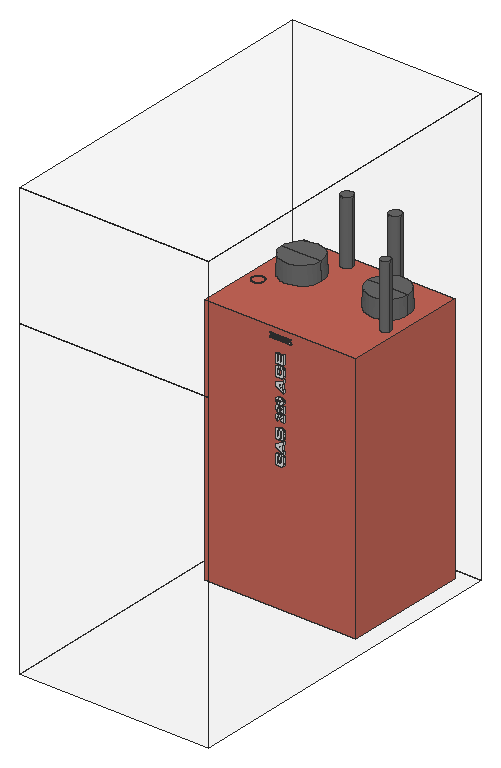
Revit family "Gas Ace 220_250_LOD-3", category Mechanical Equipment, Revit 2015
Parameters (values of type "250")
  Weekly = "0"
  Water Treatment Required = yes
  Water Content = 33.0 L
  Warranty ID = ""
  Voltage = 230 V
  Uniclass2015 = "Pr_60_60_08"
  URL = ""
  Type = "Space heating"
  Turndown Ratio = "4.8:1"
  Supply Phase = 1
  Starting Current = 0 A
  Sound Pressure Level = "63.8 dBA"
  Shipping Weight = 275.00 kg
  Shape = "Rectangular (Vertical)"
  Safety Valve Connection Type = "Unset"
  Safety Valve Connection Size = 0.00 mm
  Responsible Sourcing of Materials = "N/A"
  Responsible Extraction of Materials = "N/A"
  Reference Standard = "GAD 2009/142/EC BED 92/42/EEC EMC 2014/35/EU LVD 2014/35/EU ErP 2009/125/EY"
  Rated Output = 243300 W
  Rated Criteria = "80/60"
  Quarterly = "0"
  Product Range = "Gas 220 -250"
  Product Model Number = "Not Available"
  Product Literature = "https://www.remeha.co.uk/-/media/Themes/RemehaUK/Documents/Current/Specification-guides/gas-220-ace-specification-guide.pdf"
  Primary Fuel = "Gas - NG"
  Overall Width = 800.00 mm
  Overall Length = 657.00 mm
  Overall Height = 1662.00 mm
  Optional Fuel = "Gas - LPG"
  Operation and Maintenance Manual = "https://www.remeha.co.uk/en/Products/Floor-Standing-Range/Gas-220-Ace"
  Oil Consumption rate = 0
  Nominal Oil Inlet Pressure = 0.000 bar
  Nominal Gas Inlet Pressure = 0.020 bar
  NOx Emissions = "38 mg/kWh"
  Mounting = "Floor Standing"
  Monthly = "0"
  Model = ""
  Minimum Power Consumption = 11 W
  Minimum Operating Pressure = 0.800 bar
  Minimum Oil Inlet Pressure = 0.000 bar
  Minimum Gas Inlet Pressure = 0.017 bar
  Minimum Flow Rate at 20C temperature differential = 2.91 L/s
  Minimum Flow Rate at 11C temperature differential = 0.0 L/s
  Maximum Power Consumption = 323 W
  Maximum Operating Pressure = 5.000 bar
  Maximum Oil Inlet Pressure = 0.000 bar
  Maximum Gas Inlet Pressure = 0.025 bar
  Material Ingredient Reporting = "N/A"
  Manufacturer Website = "https://www.remeha.co.uk/"
  Manufacturer = "Remeha Commercial"
  Maintenance Required 8001 to 12000hrs = "0"
  Maintenance Required 601 to 1000hrs = "0"
  Maintenance Required 4001 to 8000hrs = "0"
  Maintenance Required 301 to 600hrs = "0"
  Maintenance Required 2001 to 4000hrs = "0"
  Maintenance Required 1001 to 2000hrs = "0"
  Maintenance Required 0 to 300hrs = "0"
  Location of Manufacturer = "N/A"
  Life Cycle Analysis = "N/A"
  Interlocks = yes
  IfcExportType = "NOTDEFINED"  # constant formula
  IfcExportAs = "IfcBoilerType"  # constant formula
  IP Rating = "IPX1B"
  IK Rating = "0"
  Hydraulic Resistance at 20C temperature differential = 0.150 bar
  Hydraulic Resistance at 11C temperature differential = 0.000 bar
  Heater Operation = "Condensing"
  Heat Exchanger Material = "Aluminium"
  Gross Weight = 278.00 kg
  Green Guide for Specification = "N/A"
  Gas Consumption rate = "26.5 m3/h"
  Fuse Rating = 6.3 A
  Full Load Current = 0 A
  Fuel Connection Type = "Threaded"
  Fuel Connection Size = 38.10 mm
  Frequency = 50 Hz
  Flue or Air Intake Classification = "B23p,B33, C33, C43, C53, C63, C83, C89"
  Flue Connection size = 200.00 mm
  Flow and Return Connection Type = "Threaded"
  Flow and Return Connection Size = 50.80 mm
  Finish = "High Polish Gardner 60 GRAD 91EH"
  Features = "Remeha's Gas 220 Ace  is a compact high efficiency floor standing condensing boiler. The compact design make this boiler ideally suited to modular arrangements"
  External Material = "Steel"
  Expected Life = "15"
  ErP Seasonal Efficiency = "0 %"
  ErP Rated Efficiency at Part Load = "97.5 %"
  ErP Rated Efficiency at Full Load = "87.7 %"
  ErP Energy Label = "0"
  Environmental Product Declaration = "N/A"
  Energy Technology List = "0"
  Embodied Carbon = "N/A"
  Drain Connection Type = "Threaded"
  Drain Connection Size = 19.05 mm
  Description = ""
  Daily = "0"
  Control Type = "0 - 10V, Open Therm, Volt free enable, Direct boiler weather compensating control systems available from Remeha as optional extra's."
  Configuration = "Single boiler"
  Condensate Drain Type = "Plain"
  Condensate Drain Size = 40.00 mm
  Colour = "RAL 2002 RAL 7016 Dark Grey"
  Clearance Box Visibility [instance] = yes
  Classification.Uniclass.Pr.Number [instance] = "Pr_60_60_08_34"
  Classification.Uniclass.Pr.Description [instance] = "Gas fired Condensing Boilers"
  CE Mark = "0063CQ3781"
  Burner Control Type = "Modulating"
  Building Regulations Seasonal Efficiency = "95.64 %"
  Bespoke Timeframe = "0"
  BMS Links = yes
  Annually = "0"
  Air Inlet Connection Size = 200.00 mm
  Additional Technical Details = "https://www.remeha.co.uk/-/media/Themes/RemehaUK/Documents/Current/Technical-sheets/gas-220-ace-160-300-kw-technical-sheet.pdf"
  Access Clearance Top = 650.00 mm
  Access Clearance Right = 100.00 mm
  Access Clearance Rear = 50.00 mm
  Access Clearance Left = 100.00 mm
  Access Clearance Front = 1100.00 mm
  Access Clearance Bottom = 0.00 mm
  6 Monthly = "0"
Reference planes
  plane 1 "Center (Front/Back)": y = 0
  plane 2: z = 0
  plane 3 "Center (Left/Right)": x = 0
  plane 4: y = -657
  plane 5: x = -400
  plane 6: x = 400
  plane 7: z = 1329
  plane 8: z = 1662
  plane 9: z = 29
  plane 10: y = -231
  plane 11: y = -383
  plane 12: x = 229
  plane 13: x = -229
  plane 14: y = -331.3
  plane 15: y = -331.3
  plane 16: x = 338
  plane 17: x = 128
  plane 18: x = -128
  plane 19: x = -338
  plane 20: y = -56
  plane 21: z = 1637
  plane 22: z = 1330
  plane 23: z = 1582.574
  plane 24: y = -419.302
  plane 25: x = -246.5
  plane 26: x = 246.5
  plane 27: x = -216.5
  plane 28: x = 216.5
  plane 29: x = -247.5
  plane 30: x = -129
  plane 31: x = 129
  plane 32: x = -309.433
  plane 33: z = 84
  plane 34 "Drain": x = -280
  plane 35: y = 50
Forms (mm)
  Extrusion 1, solid, material "Color RGB 190-040-018"
    sketch origin (0, 0, 0) x (1, 0, 0) y (0, 0, 1)
      loop
        line (-400, 1329) -> (-400, 0) -> (400, 0) -> (400, 1329) -> (-400, 1329)
    from 0 to 657
  Extrusion 2, solid, material "Color RGB 045-045-045"
    sketch origin (0, 0, 0) x (1, 0, 0) y (0, 1, 0)
      loop
        circle (-128, -56) r 30.15
      loop
        circle (128, -56) r 30.15
    from 1329 to 1662
  Extrusion 3, solid, material "Color RGB 045-045-045"
    sketch origin (0, 0, 0) x (1, 0, 0) y (0, 1, 0)
      loop
        circle (338, -383) r 24.15
    from 1329 to 1662
  Revolve 4, solid, material "Color RGB 045-045-045"
    sketch origin (-859.279, -231, 1200) x (-1, 0, 0) y (0, 0, 1)
      loop
        line (-630.279, 224) -> (-734.758, 224) -> (-737.327, 129) -> (-630.279, 129) -> (-630.279, 224)
      axis (-630.279, 224) -> (-630.279, 129)
    angle from 0 to 360
  Extrusion 5, solid, material "Color RGB 045-045-045"
    sketch origin (0, 0, 0) x (1, 0, 0) y (0, 1, 0)
      loop
        circle (-338, -383) r 30.5
      loop
        circle (-338, -383) r 30.15
    from 1329 to 1330
  Revolve 6, solid, material "Color RGB 045-045-045"
    sketch origin (859.279, -231, 1200) x (1, 0, 0) y (0, 0, -1)
      loop
        line (-630.279, -224) -> (-630.279, -129) -> (-737.327, -129) -> (-734.758, -224) -> (-630.279, -224)
      axis (-630.279, -224) -> (-630.279, -129)
    angle from 0 to 360
  Extrusion 7, solid
    sketch origin (0, 0, 0) x (1, 0, 0) y (0, 0, 1)
      loop
        circle (-280, 84) r 10
    from 0 to 7.025
  Extrusion 8, solid, material "Glass - Clear - Amber", visible <- "Clearance Box Visibility"
    sketch origin (0, 0, 0) x (0, 1, 0) y (0, 0, 1)
      loop
        line (50, 2312) -> (-1757, 2312) -> (-1757, 1662) -> (-1757, 0) -> (50, 0) -> (50, 2312)
    from -500 to 500
  Extrusion 9, solid, material "Color RGB 235-235-235"
    sketch origin (103.018, 0, 1.063) x (1, 0, 0) y (0, 0, 1)
      loop
        arc (-93.982, 684.046) -> (-85.29, 687.232) -> (-80.717, 695.281) r 13.448
        line (-80.717, 695.281) -> (-80.115, 698.888) -> (-80, 702.988) -> (-80, 728.206)
        arc (-80, 728.206) -> (-83.13, 735.762) -> (-90.686, 738.892) r 10.686
        line (-90.686, 738.892) -> (-94.011, 738.892) -> (-104.813, 738.892) -> (-104.813, 709.936) -> (-96.035, 709.936) -> (-96.035, 725.984)
        arc (-96.035, 725.984) -> (-91.935, 724.658) -> (-90.181, 720.722) r 5.292
        line (-90.181, 720.722) -> (-90.181, 703.318)
        arc (-90.181, 703.318) -> (-91.955, 699.033) -> (-96.24, 697.258) r 6.059
        line (-96.24, 697.258) -> (-107.064, 697.258)
        arc (-107.064, 697.258) -> (-111.348, 699.033) -> (-113.123, 703.318) r 6.059
        line (-113.123, 703.318) -> (-113.123, 723.353)
        arc (-113.123, 723.353) -> (-111.339, 725.862) -> (-108.384, 724.999) r 2.655
        line (-108.384, 724.999) -> (-108.384, 738.658) -> (-112.644, 738.658)
        arc (-112.644, 738.658) -> (-120.184, 735.535) -> (-123.308, 727.994) r 10.664
        line (-123.308, 727.994) -> (-123.308, 702.694) -> (-123.034, 696.854)
        arc (-123.034, 696.854) -> (-118.872, 687.729) -> (-109.561, 684) r 13.487
        line (-109.561, 684) -> (-93.982, 684.046)
      loop
        line (-80.468, 742.529) -> (-80.468, 756.952) -> (-87.959, 760.736) -> (-87.959, 786.898) -> (-80.467, 790.911) -> (-80.467, 805.276) -> (-122.84, 782.129) -> (-122.84, 765.321) -> (-80.468, 742.529)
      loop
        line (-97.087, 782.07) -> (-113.006, 773.698) -> (-97.087, 765.559) -> (-97.087, 782.07)
      loop
        line (-94.335, 821.996) -> (-94.335, 809.423)
        arc (-94.335, 809.423) -> (-90.484, 808.619) -> (-86.694, 809.672) r 8.335
        line (-86.694, 809.672) -> (-83.423, 811.497) -> (-81.369, 814.676) -> (-80.304, 819.321) -> (-79.999, 825.545) -> (-79.999, 841.184) -> (-80.285, 849.955)
        arc (-80.285, 849.955) -> (-93.422, 863.092) -> (-106.559, 849.955) r 13.137
        line (-106.559, 849.955) -> (-106.8, 837.459) -> (-106.813, 830.544) -> (-107.046, 825.766)
        arc (-107.046, 825.766) -> (-110.321, 822.155) -> (-113.824, 825.546) r 3.393
        line (-113.824, 825.546) -> (-113.824, 843.718)
        arc (-113.824, 843.718) -> (-112.498, 846.623) -> (-109.435, 847.527) r 3.848
        line (-109.435, 847.527) -> (-109.435, 860.166)
        arc (-109.435, 860.166) -> (-112.188, 860.623) -> (-114.94, 860.166) r 8.532
        line (-114.94, 860.166) -> (-118.403, 858.986) -> (-121.04, 856.31) -> (-122.718, 851.557) -> (-123.307, 844.149) -> (-123.307, 826.126) -> (-122.632, 818.108)
        arc (-122.632, 818.108) -> (-110.144, 808.063) -> (-97.656, 818.108) r 12.785
        line (-97.656, 818.108) -> (-96.97, 830.778) -> (-96.916, 839.051) -> (-96.652, 844.348)
        arc (-96.652, 844.348) -> (-93.065, 847.935) -> (-89.479, 844.348) r 3.587
        line (-89.479, 844.348) -> (-89.479, 827.579)
        arc (-89.479, 827.579) -> (-90.863, 823.879) -> (-94.335, 821.996) r 5.637
      loop
        line (-80.467, 894.562) -> (-80.467, 928.774) -> (-90.101, 928.774) -> (-90.101, 911.338) -> (-95.872, 918.465) -> (-102.827, 925.924)
        arc (-102.827, 925.924) -> (-113.845, 928.876) -> (-121.328, 920.268) r 10.762
        arc (-121.328, 920.268) -> (-121.467, 910.072) -> (-118.715, 900.253) r 35.665
        arc (-118.715, 900.253) -> (-117.686, 898.792) -> (-116.174, 897.837) r 4.57
        line (-116.174, 897.837) -> (-109.842, 895.405) -> (-109.842, 907.63)
        arc (-109.842, 907.63) -> (-114.48, 914.715) -> (-106.118, 916.051) r 5.045
        line (-106.118, 916.051) -> (-90.101, 898.262) -> (-80.467, 894.562)
      loop
        line (-109.842, 936.604) -> (-109.842, 948.83)
        arc (-109.842, 948.83) -> (-114.48, 955.915) -> (-106.118, 957.25) r 5.045
        line (-106.118, 957.25) -> (-90.101, 939.461) -> (-80.467, 935.761) -> (-80.467, 969.974) -> (-90.101, 969.974) -> (-90.101, 952.537) -> (-95.872, 959.664) -> (-102.827, 967.123)
        arc (-102.827, 967.123) -> (-113.845, 970.075) -> (-121.328, 961.467) r 10.762
        arc (-121.328, 961.467) -> (-121.467, 951.271) -> (-118.715, 941.452) r 35.665
        arc (-118.715, 941.452) -> (-117.686, 939.991) -> (-116.174, 939.036) r 4.57
        line (-116.174, 939.036) -> (-109.842, 936.604)
      loop
        spline (-123.206, 991.968) -> (-122.47, 987.662) -> (-120.312, 983.65) -> (-116.879, 980.204) -> (-112.404, 977.56) -> (-107.194, 975.898) -> (-101.602, 975.332) -> (-96.011, 975.898) -> (-90.8, 977.56) -> (-86.326, 980.204) -> (-82.892, 983.65) -> (-80.734, 987.662) -> (-79.998, 991.968)
        spline (-79.998, 991.968) -> (-80.734, 996.274) -> (-82.892, 1000.287) -> (-86.326, 1003.732) -> (-90.8, 1006.376) -> (-96.011, 1008.038) -> (-101.602, 1008.605) -> (-107.194, 1008.038) -> (-112.404, 1006.376) -> (-116.879, 1003.732) -> (-120.312, 1000.287) -> (-122.47, 996.274) -> (-123.206, 991.968)
      loop
        line (-122.84, 1057.204) -> (-80.468, 1034.412) -> (-80.468, 1048.836) -> (-87.959, 1052.619) -> (-87.959, 1078.781) -> (-80.467, 1082.794) -> (-80.467, 1097.159) -> (-122.84, 1074.012) -> (-122.84, 1057.204)
      loop
        line (-97.087, 1073.954) -> (-113.006, 1065.581) -> (-97.087, 1057.442) -> (-97.087, 1073.954)
      loop
        line (-90.88, 1138.913) -> (-90.88, 1121.46)
        arc (-90.88, 1121.46) -> (-92.655, 1117.175) -> (-96.939, 1115.401) r 6.059
        line (-96.939, 1115.401) -> (-106.36, 1115.401)
        arc (-106.36, 1115.401) -> (-110.645, 1117.175) -> (-112.419, 1121.46) r 6.059
        line (-112.419, 1121.46) -> (-112.419, 1138.573)
        arc (-112.419, 1138.573) -> (-110.945, 1142.131) -> (-107.387, 1143.605) r 5.032
        line (-107.387, 1143.605) -> (-107.387, 1156.379) -> (-111.187, 1156.379)
        arc (-111.187, 1156.379) -> (-119.756, 1152.83) -> (-123.306, 1144.261) r 12.118
        line (-123.306, 1144.261) -> (-123.306, 1114.265)
        arc (-123.306, 1114.265) -> (-119.757, 1105.696) -> (-111.187, 1102.146) r 12.118
        line (-111.187, 1102.146) -> (-92.116, 1102.146)
        arc (-92.116, 1102.146) -> (-83.547, 1105.696) -> (-79.998, 1114.265) r 12.118
        line (-79.998, 1114.265) -> (-79.998, 1144.92)
        arc (-79.998, 1144.92) -> (-83.547, 1153.489) -> (-92.116, 1157.038) r 12.118
        line (-92.116, 1157.038) -> (-96.735, 1157.038) -> (-96.735, 1144.26)
        arc (-96.735, 1144.26) -> (-92.629, 1142.878) -> (-90.88, 1138.913) r 5.369
      loop
        line (-80.466, 1168.716) -> (-80.466, 1215.523) -> (-90.646, 1215.523) -> (-90.647, 1181.624) -> (-97.313, 1181.624) -> (-97.313, 1213.022) -> (-106.214, 1213.022) -> (-106.214, 1181.624) -> (-113.004, 1181.624) -> (-113.004, 1214.617) -> (-122.838, 1214.617) -> (-122.838, 1168.716) -> (-80.466, 1168.716)
      loop
        spline (-115.232, 991.968) -> (-114.767, 990.266) -> (-113.406, 988.68) -> (-111.24, 987.318) -> (-108.417, 986.273) -> (-105.13, 985.616) -> (-101.602, 985.392) -> (-98.074, 985.616) -> (-94.787, 986.273) -> (-91.964, 987.318) -> (-89.798, 988.68) -> (-88.437, 990.266) -> (-87.972, 991.968)
        spline (-87.972, 991.968) -> (-88.437, 993.67) -> (-89.798, 995.257) -> (-91.964, 996.619) -> (-94.787, 997.664) -> (-98.074, 998.321) -> (-101.602, 998.545) -> (-105.13, 998.321) -> (-108.417, 997.664) -> (-111.24, 996.619) -> (-113.406, 995.257) -> (-114.767, 993.67) -> (-115.232, 991.968)
    from 657 to 662.984
  Extrusion 10, solid, material "Color RGB 235-235-235"
    sketch origin (-42.491, -9.272, 1276.806) x (1, 0, 0) y (0, -0.000437, 1)
      loop
        line (-15.915, 23.933) -> (-15.915, 21.574) -> (100.023, 21.574) -> (100.023, 23.933) -> (-15.915, 23.933)
      loop
        line (-15.915, 2.368) -> (-15.915, 0) -> (100.023, 0) -> (100.023, 2.368) -> (-15.915, 2.368)
      loop
        line (-7.55, 16.548) -> (-7.55, 7.385) -> (0.456, 7.385) -> (0.456, 16.548) -> (-7.55, 16.548)
      loop
        line (-10.633, 19.602) -> (-10.633, 4.34) -> (3.539, 4.34) -> (3.539, 10.445) -> (6.606, 10.445)
        arc (6.606, 10.445) -> (8.137, 9.954) -> (9.096, 8.664) r 2.632
        line (9.096, 8.664) -> (10.573, 4.34) -> (14.226, 4.331) -> (12.014, 9.646)
        arc (12.014, 9.646) -> (11.484, 10.708) -> (10.812, 11.686) r 8.599
        arc (10.812, 11.686) -> (13.696, 16.127) -> (9.7, 19.602) r 4.036
        line (9.7, 19.602) -> (-10.633, 19.602)
      loop
        line (3.539, 16.548) -> (3.539, 13.489) -> (8.986, 13.489)
        arc (8.986, 13.489) -> (10.516, 15.019) -> (8.986, 16.548) r 1.529
        line (8.986, 16.548) -> (3.539, 16.548)
      loop
        line (24.358, 15.212) -> (24.358, 4.335) -> (27.412, 4.335) -> (27.412, 9.994)
        arc (27.412, 9.994) -> (28.404, 12.196) -> (30.711, 12.913) r 2.94
        line (30.711, 12.913) -> (30.711, 15.47)
        arc (30.711, 15.47) -> (28.818, 15.212) -> (27.282, 14.076) r 3.85
        line (27.282, 14.076) -> (27.282, 15.212) -> (24.358, 15.212)
      loop
        arc (39.556, 11.064) -> (37.154, 12.927) -> (34.752, 11.064) r 2.48
        line (34.752, 11.064) -> (39.556, 11.064)
      loop
        line (34.639, 9.003) -> (42.683, 9.003)
        arc (42.683, 9.003) -> (37.246, 15.375) -> (31.809, 9.003) r 5.506
        arc (31.809, 9.003) -> (36.775, 4.075) -> (42.683, 7.823) r 5.609
        line (42.683, 7.823) -> (39.475, 7.823)
        arc (39.475, 7.823) -> (36.614, 6.602) -> (34.639, 9.003) r 2.594
      loop
        line (44.304, 4.337) -> (47.307, 4.337) -> (47.307, 10.965)
        arc (47.307, 10.965) -> (49.045, 12.703) -> (50.783, 10.965) r 1.738
        line (50.783, 10.965) -> (50.783, 4.324) -> (53.824, 4.324) -> (53.824, 10.85)
        arc (53.824, 10.85) -> (55.606, 12.632) -> (57.388, 10.85) r 1.782
        line (57.388, 10.85) -> (57.388, 4.324) -> (60.429, 4.324) -> (60.429, 11.851)
        arc (60.429, 11.851) -> (57.692, 15.455) -> (53.486, 13.787) r 3.741
        arc (53.486, 13.787) -> (50.43, 15.415) -> (47.177, 14.228) r 4.249
        line (47.177, 14.228) -> (47.177, 15.214) -> (44.304, 15.214) -> (44.304, 4.337)
      loop
        arc (69.683, 11.064) -> (67.281, 12.927) -> (64.88, 11.064) r 2.48
        line (64.88, 11.064) -> (69.683, 11.064)
      loop
        line (64.766, 9.003) -> (72.81, 9.003)
        arc (72.81, 9.003) -> (67.373, 15.375) -> (61.936, 9.003) r 5.506
        arc (61.936, 9.003) -> (66.902, 4.075) -> (72.81, 7.823) r 5.609
        line (72.81, 7.823) -> (69.602, 7.823)
        arc (69.602, 7.823) -> (66.742, 6.602) -> (64.766, 9.003) r 2.594
      loop
        line (74.422, 4.337) -> (77.462, 4.337) -> (77.462, 10.464)
        arc (77.462, 10.464) -> (79.208, 12.386) -> (81.287, 10.832) r 1.93
        line (81.287, 10.832) -> (81.287, 4.337) -> (84.328, 4.337) -> (84.328, 11.653)
        arc (84.328, 11.653) -> (81.802, 15.331) -> (77.462, 14.296) r 3.942
        line (77.462, 14.296) -> (77.462, 19.383) -> (74.422, 19.383) -> (74.422, 4.337)
      loop
        arc (95.784, 12.354) -> (95.16, 13.909) -> (93.822, 14.918) r 3.124
        arc (93.822, 14.918) -> (92.796, 15.2) -> (91.745, 15.359) r 9.034
        arc (91.745, 15.359) -> (90.692, 15.424) -> (89.639, 15.359) r 8.608
        arc (89.639, 15.359) -> (88.55, 15.088) -> (87.559, 14.561) r 4.613
        arc (87.559, 14.561) -> (87.064, 14.061) -> (86.663, 13.482) r 4.017
        arc (86.663, 13.482) -> (86.273, 12.61) -> (86.012, 11.691) r 6.705
        line (86.012, 11.691) -> (88.975, 11.7)
        arc (88.975, 11.7) -> (89.323, 12.453) -> (90.004, 12.927) r 1.58
        arc (90.004, 12.927) -> (90.999, 13.122) -> (92.008, 13.022) r 3.46
        arc (92.008, 13.022) -> (92.743, 12.024) -> (91.907, 11.11) r 0.975
        line (91.907, 11.11) -> (89.009, 10.699)
        arc (89.009, 10.699) -> (86.71, 9.449) -> (85.792, 6.999) r 3.742
        arc (85.792, 6.999) -> (86.094, 5.779) -> (86.932, 4.842) r 2.605
        arc (86.932, 4.842) -> (89.985, 4.17) -> (92.914, 5.26) r 5.532
        line (92.914, 5.26) -> (93.178, 4.346) -> (96.197, 4.346) -> (95.784, 6.47) -> (95.784, 12.354)
      loop
        line (92.845, 9.629) -> (89.315, 8.609)
        arc (89.315, 8.609) -> (88.866, 7.99) -> (88.785, 7.229) r 1.489
        arc (88.785, 7.229) -> (89.225, 6.447) -> (90.072, 6.149) r 1.274
        arc (90.072, 6.149) -> (90.865, 6.342) -> (91.638, 6.602) r 9.564
        arc (91.638, 6.602) -> (92.433, 7.212) -> (92.768, 8.157) r 1.764
        line (92.768, 8.157) -> (92.845, 9.629)
    from 644.727 to 648.528
Dimensions and locks
  equal spacing: plane 5, plane 3 "Center (Left/Right)", plane 6
  plane 4 to plane 1 "Center (Front/Back)" = 657.00 mm
  plane 5 to plane 6 = 800.00 mm
  plane 8 to level = 1662.00 mm  (x2)
  plane 9 to level = 29.00 mm
  locked: plane 10 to plane 1 "Center (Front/Back)" at 231
  locked: plane 11 to plane 1 "Center (Front/Back)" at 383
  locked: plane 12 to plane 6 at 171
  plane 13 to plane 12 = 458.00 mm
  plane 10 to plane 14 = 100.30 mm
  plane 10 to plane 15 = 100.30 mm
  locked: plane 6 to plane 16 at 62
  locked: plane 6 to plane 17 at 272
  locked: plane 6 to plane 18 at 528
  locked: plane 6 to plane 19 at 738
  plane 16 to plane 6 = 62.00 mm
  plane 17 to plane 6 = 272.00 mm
  plane 18 to plane 6 = 528.00 mm
  plane 19 to plane 6 = 738.00 mm
  locked: plane 20 to plane 1 "Center (Front/Back)" at 56
  locked: plane 8 to plane 21 at 25
  locked: plane 22 to plane 7 at 1
  plane 8 to plane 22 = 332.00 mm
  locked: plane 27 to plane 25 at 30
  locked: plane 26 to plane 28 at 30
  plane 30 to plane 13 = 100.00 mm
  locked: Revolve 4 sketch curve to plane 30 at 4.479
  locked: Revolve 6 sketch curve to plane 31 at 4.479
  plane 12 to plane 31 = 100.00 mm
  plane 5 to plane 34 "Drain" = 120.00 mm
  radius of Extrusion 2 sketch curve = 30.15 mm  (x2)
  radius of Extrusion 3 sketch curve = 24.15 mm
  radius of Extrusion 7 sketch curve = 10.00 mm
  aligned and locked: level to plane 2
  aligned and locked: Extrusion 1 sketch curve to plane 7
  aligned and locked: plane 5 to Extrusion 1 sketch curve
  aligned and locked: Extrusion 1 sketch curve to plane 6
  aligned and locked: plane 8 to Extrusion 2
  aligned and locked: plane 16 to Extrusion 3 sketch curve
  aligned and locked: plane 11 to Extrusion 3 sketch curve
  aligned and locked: plane 8 to Extrusion 3
  aligned and locked: Extrusion 5 to plane 22
  aligned and locked: Extrusion 5 to plane 7
Automatic sketch dimensions
  Extrusion 7 sketch curve to plane 33 = 0.00 mm
  Extrusion 7 sketch curve to plane 34 "Drain" = 0.00 mm
  Extrusion 5 sketch curve to Extrusion 5 sketch curve = 0.00 mm  (x2)
  Extrusion 5 sketch curve to plane 11 = 0.00 mm
  Extrusion 5 sketch curve to plane 19 = 0.00 mm
  Extrusion 2 sketch curve to plane 18 = 0.00 mm
  Extrusion 2 sketch curve to plane 17 = 0.00 mm
  Extrusion 2 sketch curve to plane 20 = 0.00 mm  (x2)
  Extrusion 8 sketch curve to plane 8 = 0.00 mm
  Extrusion 8 sketch curve to level = 0.00 mm
  Extrusion 8 sketch curve to plane 35 = 0.00 mm
  Extrusion 8 sketch curve to plane 4 = 1100.00 mm
  plane 8 to Extrusion 8 sketch curve = 650.00 mm
  plane 9 to Extrusion 1 sketch curve = 29.00 mm
  Revolve 6 sketch curve to plane 7 = 0.00 mm
  Revolve 6 sketch curve to plane 12 = 0.00 mm  (x2)
  plane 22 to Revolve 6 sketch curve = 94.00 mm
  Revolve 6 sketch curve to plane 17 = 6.048 mm
  plane 8 to Revolve 6 sketch curve = 776.40 mm
  Revolve 6 sketch curve to level = 304.80 mm
  Revolve 4 sketch curve to plane 7 = 0.00 mm
  Revolve 4 sketch curve to plane 13 = 0.00 mm  (x2)
  plane 22 to Revolve 4 sketch curve = 94.00 mm
  plane 18 to Revolve 4 sketch curve = 6.048 mm
  Revolve 4 sketch curve to level = 304.80 mm
  plane 8 to Revolve 4 sketch curve = 776.40 mm
  Extrusion 9 sketch curve to plane 3 "Center (Left/Right)" = 20.29 mm  (x2)
  Extrusion 9 sketch curve to plane 3 "Center (Left/Right)" = 20.289 mm
  Extrusion 9 sketch curve to plane 3 "Center (Left/Right)" = 20.288 mm
  Extrusion 9 sketch curve to plane 3 "Center (Left/Right)" = 20.287 mm
  Extrusion 9 sketch curve to Extrusion 9 sketch curve = 0.274 mm
  Extrusion 9 sketch curve to plane 3 "Center (Left/Right)" = 19.822 mm  (x2)
  Extrusion 9 sketch curve to plane 3 "Center (Left/Right)" = 19.82 mm  (x2)
  Extrusion 9 sketch curve to Extrusion 9 sketch curve = 0.589 mm
  Extrusion 9 sketch curve to Extrusion 9 sketch curve = 0.676 mm
  Extrusion 9 sketch curve to Extrusion 9 sketch curve = 1.679 mm
  Extrusion 9 sketch curve to Extrusion 9 sketch curve = 2.637 mm
  Extrusion 9 sketch curve to plane 3 "Center (Left/Right)" = 13.156 mm  (x2)
  Extrusion 9 sketch curve to Extrusion 9 sketch curve = 3.463 mm
  Extrusion 9 sketch curve to Extrusion 9 sketch curve = 1.638 mm  (x2)
  Extrusion 9 sketch curve to Extrusion 9 sketch curve = 9.483 mm
  Extrusion 9 sketch curve to plane 3 "Center (Left/Right)" = 10.105 mm  (x2)
  Extrusion 9 sketch curve to plane 3 "Center (Left/Right)" = 9.987 mm  (x2)
  Extrusion 9 sketch curve to plane 3 "Center (Left/Right)" = 9.986 mm
  Extrusion 9 sketch curve to Extrusion 9 sketch curve = 0.479 mm
  Extrusion 9 sketch curve to plane 3 "Center (Left/Right)" = 9.625 mm
  Extrusion 9 sketch curve to plane 3 "Center (Left/Right)" = 9.401 mm  (x2)
  Extrusion 9 sketch curve to Extrusion 9 sketch curve = 2.753 mm
  Extrusion 9 sketch curve to plane 3 "Center (Left/Right)" = 8.169 mm  (x2)
  Extrusion 9 sketch curve to Extrusion 9 sketch curve = 1.232 mm  (x2)
  Extrusion 9 sketch curve to plane 3 "Center (Left/Right)" = 7.68 mm  (x2)
  Extrusion 9 sketch curve to Extrusion 9 sketch curve = 2.655 mm
  Extrusion 9 sketch curve to Extrusion 9 sketch curve = 3.393 mm
  Extrusion 9 sketch curve to Extrusion 9 sketch curve = 0.288 mm
  Extrusion 9 sketch curve to Extrusion 9 sketch curve = 3.848 mm
  Extrusion 9 sketch curve to Extrusion 9 sketch curve = 0.831 mm  (x2)
  Extrusion 9 sketch curve to Extrusion 9 sketch curve = 6.332 mm
  Extrusion 9 sketch curve to Extrusion 9 sketch curve = 0.025 mm
  Extrusion 9 sketch curve to plane 3 "Center (Left/Right)" = 6.543 mm  (x2)
  Extrusion 9 sketch curve to Extrusion 9 sketch curve = 5.505 mm
  Extrusion 9 sketch curve to Extrusion 9 sketch curve = 2.084 mm
  Extrusion 9 sketch curve to Extrusion 9 sketch curve = 4.26 mm
  Extrusion 9 sketch curve to plane 3 "Center (Left/Right)" = 4.369 mm
  Extrusion 9 sketch curve to Extrusion 9 sketch curve = 3.80 mm  (x2)
  Extrusion 9 sketch curve to Extrusion 9 sketch curve = 2.497 mm
  Extrusion 9 sketch curve to plane 3 "Center (Left/Right)" = 4.045 mm
  Extrusion 9 sketch curve to Extrusion 9 sketch curve = 3.385 mm
  Extrusion 9 sketch curve to plane 3 "Center (Left/Right)" = 3.795 mm
  Extrusion 9 sketch curve to plane 3 "Center (Left/Right)" = 3.782 mm
  Extrusion 9 sketch curve to plane 3 "Center (Left/Right)" = 3.541 mm
  Extrusion 9 sketch curve to plane 3 "Center (Left/Right)" = 3.342 mm  (x2)
  Extrusion 9 sketch curve to plane 3 "Center (Left/Right)" = 3.196 mm
  Extrusion 9 sketch curve to plane 3 "Center (Left/Right)" = 3.10 mm  (x2)
  Extrusion 9 sketch curve to plane 3 "Center (Left/Right)" = 1.795 mm  (x2)
  plane 3 "Center (Left/Right)" to Extrusion 9 sketch curve = 0.191 mm  (x2)
  plane 3 "Center (Left/Right)" to Extrusion 9 sketch curve = 5.363 mm
  plane 3 "Center (Left/Right)" to Extrusion 9 sketch curve = 5.705 mm
  plane 3 "Center (Left/Right)" to Extrusion 9 sketch curve = 5.931 mm  (x2)
  plane 3 "Center (Left/Right)" to Extrusion 9 sketch curve = 6.048 mm
  plane 3 "Center (Left/Right)" to Extrusion 9 sketch curve = 6.079 mm
  Extrusion 9 sketch curve to Extrusion 9 sketch curve = 0.00 mm  (x27)
  plane 3 "Center (Left/Right)" to Extrusion 9 sketch curve = 6.102 mm
  plane 3 "Center (Left/Right)" to Extrusion 9 sketch curve = 6.284 mm  (x2)
  Extrusion 9 sketch curve to Extrusion 9 sketch curve = 0.265 mm
  Extrusion 9 sketch curve to Extrusion 9 sketch curve = 0.486 mm
  plane 3 "Center (Left/Right)" to Extrusion 9 sketch curve = 6.778 mm
  Extrusion 9 sketch curve to Extrusion 9 sketch curve = 0.205 mm
  plane 3 "Center (Left/Right)" to Extrusion 9 sketch curve = 7.146 mm  (x2)
  Extrusion 9 sketch curve to Extrusion 9 sketch curve = 0.563 mm
  Extrusion 9 sketch curve to Extrusion 9 sketch curve = 1.854 mm
  plane 3 "Center (Left/Right)" to Extrusion 9 sketch curve = 8.683 mm
  Extrusion 9 sketch curve to Extrusion 9 sketch curve = 3.321 mm
  plane 3 "Center (Left/Right)" to Extrusion 9 sketch curve = 9.007 mm
  Extrusion 9 sketch curve to Extrusion 9 sketch curve = 2.258 mm
  Extrusion 9 sketch curve to Extrusion 9 sketch curve = 3.229 mm
  Extrusion 9 sketch curve to Extrusion 9 sketch curve = 3.587 mm
  plane 3 "Center (Left/Right)" to Extrusion 9 sketch curve = 10.902 mm
  Extrusion 9 sketch curve to Extrusion 9 sketch curve = 4.618 mm  (x2)
  Extrusion 9 sketch curve to Extrusion 9 sketch curve = 4.823 mm  (x3)
  Extrusion 9 sketch curve to Extrusion 9 sketch curve = 5.369 mm
  Extrusion 9 sketch curve to Extrusion 9 sketch curve = 6.059 mm  (x2)
  Extrusion 9 sketch curve to Extrusion 9 sketch curve = 3.579 mm
  Extrusion 9 sketch curve to Extrusion 9 sketch curve = 5.349 mm
  Extrusion 9 sketch curve to Extrusion 9 sketch curve = 3.325 mm
  Extrusion 9 sketch curve to Extrusion 9 sketch curve = 6.667 mm
  Extrusion 9 sketch curve to Extrusion 9 sketch curve = 5.292 mm
  Extrusion 9 sketch curve to Extrusion 9 sketch curve = 5.771 mm  (x2)
  plane 3 "Center (Left/Right)" to Extrusion 9 sketch curve = 12.918 mm
  Extrusion 9 sketch curve to Extrusion 9 sketch curve = 5.637 mm
  Extrusion 9 sketch curve to Extrusion 9 sketch curve = 9.128 mm  (x2)
  Extrusion 9 sketch curve to Extrusion 9 sketch curve = 7.642 mm
  Extrusion 9 sketch curve to Extrusion 9 sketch curve = 3.998 mm  (x2)
  Extrusion 9 sketch curve to Extrusion 9 sketch curve = 3.27 mm
  Extrusion 9 sketch curve to Extrusion 9 sketch curve = 2.054 mm
  Extrusion 9 sketch curve to Extrusion 9 sketch curve = 9.464 mm
  Extrusion 9 sketch curve to Extrusion 9 sketch curve = 7.491 mm
  Extrusion 9 sketch curve to Extrusion 9 sketch curve = 10.218 mm
  Extrusion 9 sketch curve to Extrusion 9 sketch curve = 11.649 mm
  Extrusion 9 sketch curve to Extrusion 9 sketch curve = 7.492 mm
  Extrusion 9 sketch curve to Extrusion 9 sketch curve = 9.634 mm
  Extrusion 9 sketch curve to Extrusion 9 sketch curve = 10.181 mm
  Extrusion 9 sketch curve to Extrusion 9 sketch curve = 1.065 mm
  Extrusion 9 sketch curve to Extrusion 9 sketch curve = 0.602 mm
  Extrusion 9 sketch curve to Extrusion 9 sketch curve = 0.115 mm
  Extrusion 9 sketch curve to Extrusion 9 sketch curve = 0.305 mm
  Extrusion 9 sketch curve to Extrusion 9 sketch curve = 12.118 mm
  plane 33 to Extrusion 9 sketch curve = 601.063 mm
  Extrusion 9 sketch curve to Extrusion 9 sketch curve = 11.281 mm
  Extrusion 9 sketch curve to Extrusion 9 sketch curve = 12.854 mm
  Extrusion 9 sketch curve to Extrusion 9 sketch curve = 0.229 mm  (x2)
  Extrusion 9 sketch curve to Extrusion 9 sketch curve = 0.236 mm
  Extrusion 9 sketch curve to Extrusion 9 sketch curve = 3.608 mm
  Extrusion 9 sketch curve to Extrusion 9 sketch curve = 5.84 mm
  Extrusion 9 sketch curve to Extrusion 9 sketch curve = 4.10 mm
  Extrusion 9 sketch curve to Extrusion 9 sketch curve = 6.619 mm
  Extrusion 9 sketch curve to Extrusion 9 sketch curve = 10.786 mm
  Extrusion 9 sketch curve to Extrusion 9 sketch curve = 13.417 mm
  Extrusion 9 sketch curve to Extrusion 9 sketch curve = 4.641 mm
  Extrusion 9 sketch curve to Extrusion 9 sketch curve = 7.483 mm
  Extrusion 9 sketch curve to Extrusion 9 sketch curve = 3.637 mm
  Extrusion 9 sketch curve to Extrusion 9 sketch curve = 14.423 mm  (x2)
  Extrusion 9 sketch curve to Extrusion 9 sketch curve = 3.783 mm  (x2)
  Extrusion 9 sketch curve to Extrusion 9 sketch curve = 26.663 mm
  Extrusion 9 sketch curve to Extrusion 9 sketch curve = 8.377 mm  (x2)
  Extrusion 9 sketch curve to Extrusion 9 sketch curve = 16.511 mm  (x2)
  Extrusion 9 sketch curve to Extrusion 9 sketch curve = 8.431 mm  (x2)
  Extrusion 9 sketch curve to Extrusion 9 sketch curve = 4.827 mm  (x2)
  Extrusion 9 sketch curve to Extrusion 9 sketch curve = 4.013 mm  (x2)
  Extrusion 9 sketch curve to Extrusion 9 sketch curve = 14.365 mm  (x2)
  Extrusion 9 sketch curve to Extrusion 9 sketch curve = 4.147 mm
  Extrusion 9 sketch curve to Extrusion 9 sketch curve = 4.396 mm
  Extrusion 9 sketch curve to Extrusion 9 sketch curve = 1.825 mm
  Extrusion 9 sketch curve to Extrusion 9 sketch curve = 3.179 mm
  Extrusion 9 sketch curve to Extrusion 9 sketch curve = 1.158 mm
  Extrusion 9 sketch curve to Extrusion 9 sketch curve = 4.645 mm
  Extrusion 9 sketch curve to Extrusion 9 sketch curve = 3.888 mm
  Extrusion 9 sketch curve to Extrusion 9 sketch curve = 6.224 mm
  Extrusion 9 sketch curve to Extrusion 9 sketch curve = 4.697 mm
  Extrusion 9 sketch curve to Extrusion 9 sketch curve = 8.018 mm
  Extrusion 9 sketch curve to Extrusion 9 sketch curve = 4.778 mm
  Extrusion 9 sketch curve to Extrusion 9 sketch curve = 3.199 mm
  Extrusion 9 sketch curve to Extrusion 9 sketch curve = 6.915 mm
  Extrusion 9 sketch curve to Extrusion 9 sketch curve = 8.273 mm
  Extrusion 9 sketch curve to Extrusion 9 sketch curve = 15.639 mm
  Extrusion 9 sketch curve to Extrusion 9 sketch curve = 6.258 mm
  Extrusion 9 sketch curve to Extrusion 9 sketch curve = 0.431 mm
  Extrusion 9 sketch curve to Extrusion 9 sketch curve = 5.297 mm
  Extrusion 9 sketch curve to Extrusion 9 sketch curve = 8.771 mm
  Extrusion 9 sketch curve to Extrusion 9 sketch curve = 5.606 mm
  Extrusion 9 sketch curve to Extrusion 9 sketch curve = 2.427 mm
  Extrusion 9 sketch curve to Extrusion 9 sketch curve = 7.408 mm
  Extrusion 9 sketch curve to Extrusion 9 sketch curve = 4.564 mm
  Extrusion 9 sketch curve to Extrusion 9 sketch curve = 4.752 mm
  Extrusion 9 sketch curve to Extrusion 9 sketch curve = 2.676 mm
  Extrusion 9 sketch curve to Extrusion 9 sketch curve = 8.075 mm
  Extrusion 9 sketch curve to Extrusion 9 sketch curve = 44.607 mm
  Extrusion 9 sketch curve to Extrusion 9 sketch curve = 0.843 mm
  Extrusion 9 sketch curve to Extrusion 9 sketch curve = 2.432 mm  (x2)
  Extrusion 9 sketch curve to Extrusion 9 sketch curve = 3.70 mm  (x2)
  Extrusion 9 sketch curve to Extrusion 9 sketch curve = 4.266 mm  (x2)
  Extrusion 9 sketch curve to Extrusion 9 sketch curve = 5.527 mm  (x2)
  Extrusion 9 sketch curve to Extrusion 9 sketch curve = 13.077 mm  (x2)
  Extrusion 9 sketch curve to Extrusion 9 sketch curve = 5.045 mm  (x2)
  Extrusion 9 sketch curve to Extrusion 9 sketch curve = 3.35 mm  (x2)
  Extrusion 9 sketch curve to Extrusion 9 sketch curve = 7.127 mm  (x2)
  Extrusion 9 sketch curve to Extrusion 9 sketch curve = 2.533 mm  (x2)
  Extrusion 9 sketch curve to Extrusion 9 sketch curve = 7.459 mm  (x2)
  Extrusion 9 sketch curve to Extrusion 9 sketch curve = 10.309 mm  (x2)
  Extrusion 9 sketch curve to Extrusion 9 sketch curve = 6.987 mm
  Extrusion 9 sketch curve to Extrusion 9 sketch curve = 10.68 mm
  Extrusion 9 sketch curve to Extrusion 9 sketch curve = 64.439 mm
  Extrusion 9 sketch curve to Extrusion 9 sketch curve = 4.585 mm
  Extrusion 9 sketch curve to Extrusion 9 sketch curve = 4.987 mm
  Extrusion 9 sketch curve to Extrusion 9 sketch curve = 1.136 mm  (x2)
  Extrusion 9 sketch curve to Extrusion 9 sketch curve = 17.113 mm
  Extrusion 9 sketch curve to Extrusion 9 sketch curve = 0.341 mm
  Extrusion 9 sketch curve to Extrusion 9 sketch curve = 0.656 mm
  Extrusion 9 sketch curve to Extrusion 9 sketch curve = 6.006 mm
  Extrusion 9 sketch curve to Extrusion 9 sketch curve = 11.678 mm
  Extrusion 9 sketch curve to Extrusion 9 sketch curve = 12.908 mm
  Extrusion 9 sketch curve to Extrusion 9 sketch curve = 31.398 mm
  Extrusion 9 sketch curve to Extrusion 9 sketch curve = 1.595 mm
  Extrusion 9 sketch curve to Extrusion 9 sketch curve = 2.501 mm
  Extrusion 9 sketch curve to plane 3 "Center (Left/Right)" = 20.188 mm
  Extrusion 9 sketch curve to Extrusion 9 sketch curve = 7.974 mm
  plane 3 "Center (Left/Right)" to Extrusion 9 sketch curve = 1.416 mm
  plane 3 "Center (Left/Right)" to Extrusion 9 sketch curve = 9.037 mm
  Extrusion 9 sketch curve to Extrusion 9 sketch curve = 0.046 mm
  Extrusion 9 sketch curve to Extrusion 9 sketch curve = 30.501 mm
  Extrusion 10 sketch curve to plane 3 "Center (Left/Right)" = 58.405 mm
  Extrusion 10 sketch curve to Extrusion 10 sketch curve = 0.00 mm  (x10)
  Extrusion 10 sketch curve to Extrusion 10 sketch curve = 5.282 mm
  Extrusion 10 sketch curve to Extrusion 10 sketch curve = 3.083 mm  (x2)
  Extrusion 10 sketch curve to Extrusion 10 sketch curve = 8.006 mm
  Extrusion 10 sketch curve to Extrusion 10 sketch curve = 0.536 mm
  Extrusion 10 sketch curve to Extrusion 10 sketch curve = 2.531 mm
  Extrusion 10 sketch curve to Extrusion 10 sketch curve = 5.448 mm
  Extrusion 10 sketch curve to Extrusion 10 sketch curve = 2.49 mm
  Extrusion 10 sketch curve to Extrusion 10 sketch curve = 0.713 mm
  Extrusion 10 sketch curve to Extrusion 10 sketch curve = 1.477 mm
  Extrusion 10 sketch curve to Extrusion 10 sketch curve = 2.918 mm
  Extrusion 10 sketch curve to Extrusion 10 sketch curve = 3.653 mm
  Extrusion 10 sketch curve to Extrusion 10 sketch curve = 12.345 mm
  Extrusion 10 sketch curve to Extrusion 10 sketch curve = 2.924 mm
  Extrusion 10 sketch curve to Extrusion 10 sketch curve = 3.054 mm  (x2)
  Extrusion 10 sketch curve to Extrusion 10 sketch curve = 2.856 mm
  Extrusion 10 sketch curve to Extrusion 10 sketch curve = 0.085 mm
  Extrusion 10 sketch curve to Extrusion 10 sketch curve = 3.429 mm
  Extrusion 10 sketch curve to Extrusion 10 sketch curve = 4.286 mm
  Extrusion 10 sketch curve to Extrusion 10 sketch curve = 0.113 mm  (x2)
  Extrusion 10 sketch curve to Extrusion 10 sketch curve = 2.402 mm  (x2)
  Extrusion 10 sketch curve to Extrusion 10 sketch curve = 0.076 mm  (x2)
  Extrusion 10 sketch curve to Extrusion 10 sketch curve = 0.092 mm  (x2)
  Extrusion 10 sketch curve to Extrusion 10 sketch curve = 0.134 mm  (x2)
  Extrusion 10 sketch curve to Extrusion 10 sketch curve = 2.245 mm  (x2)
  plane 3 "Center (Left/Right)" to Extrusion 10 sketch curve = 0.192 mm  (x2)
  plane 3 "Center (Left/Right)" to Extrusion 10 sketch curve = 1.813 mm
  Extrusion 10 sketch curve to Extrusion 10 sketch curve = 2.873 mm
  Extrusion 10 sketch curve to Extrusion 10 sketch curve = 0.13 mm
  Extrusion 10 sketch curve to Extrusion 10 sketch curve = 1.738 mm
  Extrusion 10 sketch curve to Extrusion 10 sketch curve = 0.65 mm
  Extrusion 10 sketch curve to Extrusion 10 sketch curve = 3.04 mm  (x5)
  Extrusion 10 sketch curve to Extrusion 10 sketch curve = 1.782 mm
  Extrusion 10 sketch curve to Extrusion 10 sketch curve = 0.701 mm
  Extrusion 10 sketch curve to Extrusion 10 sketch curve = 4.337 mm
  Extrusion 10 sketch curve to Extrusion 10 sketch curve = 3.208 mm
  Extrusion 10 sketch curve to Extrusion 10 sketch curve = 4.739 mm
  Extrusion 10 sketch curve to Extrusion 10 sketch curve = 1.93 mm
  Extrusion 10 sketch curve to Extrusion 10 sketch curve = 0.994 mm
  Extrusion 10 sketch curve to Extrusion 10 sketch curve = 0.901 mm
  Extrusion 10 sketch curve to Extrusion 10 sketch curve = 1.684 mm
  Extrusion 10 sketch curve to Extrusion 10 sketch curve = 2.199 mm
  Extrusion 10 sketch curve to Extrusion 10 sketch curve = 4.069 mm
  Extrusion 10 sketch curve to Extrusion 10 sketch curve = 2.964 mm
  Extrusion 10 sketch curve to Extrusion 10 sketch curve = 0.033 mm  (x2)
  Extrusion 10 sketch curve to Extrusion 10 sketch curve = 0.918 mm
  Extrusion 10 sketch curve to Extrusion 10 sketch curve = 1.137 mm
  Extrusion 10 sketch curve to Extrusion 10 sketch curve = 0.284 mm
  Extrusion 10 sketch curve to Extrusion 10 sketch curve = 0.51 mm
  Extrusion 10 sketch curve to Extrusion 10 sketch curve = 1.179 mm
  Extrusion 10 sketch curve to Extrusion 10 sketch curve = 0.049 mm
  Extrusion 10 sketch curve to Extrusion 10 sketch curve = 0.212 mm  (x2)
  Extrusion 10 sketch curve to Extrusion 10 sketch curve = 0.379 mm
  Extrusion 10 sketch curve to Extrusion 10 sketch curve = 0.436 mm
  Extrusion 10 sketch curve to Extrusion 10 sketch curve = 0.226 mm
  Extrusion 10 sketch curve to Extrusion 10 sketch curve = 0.749 mm
  Extrusion 10 sketch curve to Extrusion 10 sketch curve = 0.157 mm
  Extrusion 10 sketch curve to Extrusion 10 sketch curve = 1.236 mm
  Extrusion 10 sketch curve to Extrusion 10 sketch curve = 0.137 mm
  Extrusion 10 sketch curve to Extrusion 10 sketch curve = 0.668 mm
  Extrusion 10 sketch curve to Extrusion 10 sketch curve = 0.909 mm
  Extrusion 10 sketch curve to Extrusion 10 sketch curve = 1.762 mm
  Extrusion 10 sketch curve to Extrusion 10 sketch curve = 0.271 mm
  Extrusion 10 sketch curve to Extrusion 10 sketch curve = 1.996 mm
  Extrusion 10 sketch curve to Extrusion 10 sketch curve = 0.264 mm
  Extrusion 10 sketch curve to Extrusion 10 sketch curve = 3.106 mm
  Extrusion 10 sketch curve to Extrusion 10 sketch curve = 0.412 mm
  Extrusion 10 sketch curve to Extrusion 10 sketch curve = 4.239 mm
  Extrusion 10 sketch curve to Extrusion 10 sketch curve = 3.826 mm
  Extrusion 10 sketch curve to Extrusion 10 sketch curve = 2.368 mm
  Extrusion 10 sketch curve to Extrusion 10 sketch curve = 1.956 mm
  Extrusion 10 sketch curve to Extrusion 10 sketch curve = 1.963 mm
  Extrusion 10 sketch curve to Extrusion 10 sketch curve = 0.004 mm
  Extrusion 10 sketch curve to Extrusion 10 sketch curve = 1.968 mm
  Extrusion 10 sketch curve to Extrusion 10 sketch curve = 0.013 mm
  Extrusion 10 sketch curve to Extrusion 10 sketch curve = 1.972 mm  (x2)
  Extrusion 10 sketch curve to Extrusion 10 sketch curve = 0.009 mm
  Extrusion 10 sketch curve to Extrusion 10 sketch curve = 1.977 mm
  Extrusion 10 sketch curve to Extrusion 10 sketch curve = 0.914 mm
  Extrusion 10 sketch curve to Extrusion 10 sketch curve = 2.002 mm
  Extrusion 10 sketch curve to Extrusion 10 sketch curve = 1.103 mm
  Extrusion 10 sketch curve to Extrusion 10 sketch curve = 2.125 mm
  Extrusion 10 sketch curve to Extrusion 10 sketch curve = 0.452 mm
  Extrusion 10 sketch curve to Extrusion 10 sketch curve = 0.179 mm
  Extrusion 10 sketch curve to Extrusion 10 sketch curve = 0.001 mm
  Extrusion 10 sketch curve to Extrusion 10 sketch curve = 1.043 mm
  Extrusion 10 sketch curve to Extrusion 10 sketch curve = 0.429 mm
  Extrusion 10 sketch curve to Extrusion 10 sketch curve = 1.471 mm
  Extrusion 10 sketch curve to Extrusion 10 sketch curve = 3.486 mm  (x2)
  Extrusion 10 sketch curve to Extrusion 10 sketch curve = 1.341 mm
  Extrusion 10 sketch curve to Extrusion 10 sketch curve = 0.793 mm
  Extrusion 10 sketch curve to Extrusion 10 sketch curve = 1.186 mm
  Extrusion 10 sketch curve to Extrusion 10 sketch curve = 0.851 mm
  Extrusion 10 sketch curve to Extrusion 10 sketch curve = 1.181 mm  (x2)
  Extrusion 10 sketch curve to Extrusion 10 sketch curve = 1.473 mm
  Extrusion 10 sketch curve to Extrusion 10 sketch curve = 0.982 mm
  Extrusion 10 sketch curve to Extrusion 10 sketch curve = 0.53 mm  (x2)
  Extrusion 10 sketch curve to Extrusion 10 sketch curve = 1.417 mm
  Extrusion 10 sketch curve to Extrusion 10 sketch curve = 1.08 mm
  Extrusion 10 sketch curve to Extrusion 10 sketch curve = 0.219 mm  (x2)
  Extrusion 10 sketch curve to Extrusion 10 sketch curve = 0.991 mm
  Extrusion 10 sketch curve to Extrusion 10 sketch curve = 0.687 mm
  Extrusion 10 sketch curve to Extrusion 10 sketch curve = 0.578 mm  (x2)
  Extrusion 10 sketch curve to Extrusion 10 sketch curve = 6.128 mm
  Extrusion 10 sketch curve to Extrusion 10 sketch curve = 1.01 mm
  Extrusion 10 sketch curve to Extrusion 10 sketch curve = 0.082 mm
  Extrusion 10 sketch curve to Extrusion 10 sketch curve = 1.846 mm
  Extrusion 10 sketch curve to Extrusion 10 sketch curve = 0.115 mm
  Extrusion 10 sketch curve to Extrusion 10 sketch curve = 2.061 mm
  Extrusion 10 sketch curve to Extrusion 10 sketch curve = 0.617 mm
  Extrusion 10 sketch curve to Extrusion 10 sketch curve = 0.794 mm
  Extrusion 10 sketch curve to Extrusion 10 sketch curve = 0.657 mm
  Extrusion 10 sketch curve to Extrusion 10 sketch curve = 0.058 mm
  Extrusion 10 sketch curve to Extrusion 10 sketch curve = 1.267 mm
  Extrusion 10 sketch curve to Extrusion 10 sketch curve = 0.821 mm
  Extrusion 10 sketch curve to Extrusion 10 sketch curve = 0.038 mm
  Extrusion 10 sketch curve to Extrusion 10 sketch curve = 1.001 mm  (x2)
  Extrusion 10 sketch curve to Extrusion 10 sketch curve = 0.90 mm
  Extrusion 10 sketch curve to Extrusion 10 sketch curve = 0.066 mm
  Extrusion 10 sketch curve to Extrusion 10 sketch curve = 0.344 mm
  Extrusion 10 sketch curve to Extrusion 10 sketch curve = 3.045 mm
  Extrusion 10 sketch curve to Extrusion 10 sketch curve = 1.163 mm
  Extrusion 10 sketch curve to Extrusion 10 sketch curve = 3.264 mm
  Extrusion 10 sketch curve to Extrusion 10 sketch curve = 1.529 mm
  Extrusion 10 sketch curve to Extrusion 10 sketch curve = 1.136 mm
  Extrusion 10 sketch curve to Extrusion 10 sketch curve = 0.985 mm
  Extrusion 10 sketch curve to Extrusion 10 sketch curve = 2.604 mm
  Extrusion 10 sketch curve to Extrusion 10 sketch curve = 0.547 mm
  Extrusion 10 sketch curve to Extrusion 10 sketch curve = 5.087 mm
  Extrusion 10 sketch curve to Extrusion 10 sketch curve = 2.359 mm
  Extrusion 10 sketch curve to Extrusion 10 sketch curve = 0.652 mm  (x2)
  Extrusion 10 sketch curve to Extrusion 10 sketch curve = 0.847 mm
  Extrusion 10 sketch curve to Extrusion 10 sketch curve = 2.106 mm
  radius of Extrusion 5 sketch curve = 30.50 mm
  radius of Extrusion 5 sketch curve = 30.15 mm
Connectors
  piping at (338, -383, 1662), diameter 38.1
    settings: on Extrusion 3, index 1, connector inside diameter 609.6 mm, connector length 0.00 mm, flow factor 0, pipe flow 0.0 L/s, pressure drop 0.000 bar, fitting loss kfactor 0, connector angle 0.00°, fixture units 0, engagement length 0.00 mm, angle of deflection 0.00°, flow configuration 1, flow direction 1, fitting loss method 0, system type 22, joint type 0, gender type 0, connector reference index -1, connector utility 0, adjustable connector no, is connector primary yes, connector description "Gas"
  piping at (128, -56, 1662), diameter 50.75
    settings: on Extrusion 2, index 2, connector inside diameter 609.6 mm, connector length 0.00 mm, flow factor 0, pipe flow 0.0 L/s, pressure drop 0.000 bar, fitting loss kfactor 0, connector angle 0.00°, fixture units 0, engagement length 0.00 mm, angle of deflection 0.00°, flow configuration 1, flow direction 1, fitting loss method 0, system type 7, joint type 0, gender type 0, connector reference index -1, connector utility 0, adjustable connector no, is connector primary no, connector description "Hydronic Supply"
  piping at (-128, -56, 1662), diameter 50.75
    settings: on Extrusion 2, index 3, connector inside diameter 609.6 mm, connector length 0.00 mm, flow factor 0, pipe flow 0.0 L/s, pressure drop 0.000 bar, fitting loss kfactor 0, connector angle 0.00°, fixture units 0, engagement length 0.00 mm, angle of deflection 0.00°, flow configuration 0, flow direction 2, fitting loss method 0, system type 8, joint type 0, gender type 0, connector reference index -1, connector utility 0, adjustable connector no, is connector primary no, connector description "Hydronic Return1"
  piping at (-338, -383, 1330), diameter 50.75
    settings: on Extrusion 5, index 4, connector inside diameter 609.6 mm, connector length 0.00 mm, flow factor 0, pipe flow 0.0 L/s, pressure drop 0.000 bar, fitting loss kfactor 0, connector angle 0.00°, fixture units 0, engagement length 0.00 mm, angle of deflection 0.00°, flow configuration 1, flow direction 1, fitting loss method 0, system type 8, joint type 0, gender type 0, connector reference index -1, connector utility 0, adjustable connector no, is connector primary no, connector description "Hydronic Return2"
  piping at (-280, 0, 84), diameter 40
    settings: on Extrusion 7, index 8, connector inside diameter 609.6 mm, connector length 0.00 mm, flow factor 0, pipe flow 0.0 L/s, pressure drop 0.000 bar, fitting loss kfactor 0, connector angle 0.00°, fixture units 0, engagement length 0.00 mm, angle of deflection 0.00°, flow configuration 3, flow direction 2, fitting loss method 0, system type 16, joint type 0, gender type 0, connector reference index -1, connector utility 0, adjustable connector no, is connector primary no, connector description "Drain"
  hvac at (229, -231, 1424)
    settings: on Revolve 6, index 9, duct flow 0.0 L/s, flow factor 0, pres drop 0.000 bar, loss coef 0, conn angle 0.00°, conn width 304.8 mm, conn height 304.8 mm, conn diameter 200 mm, duct sys type 4, conn prof type 0, flow config 0, flow direction 0, loss method 0, conn ref index -1, conn util no, is conn primary yes, conn desc ""
  hvac at (-229, -231, 1424)
    settings: on Revolve 4, index 10, duct flow 0.0 L/s, flow factor 0, pres drop 0.000 bar, loss coef 0, conn angle 0.00°, conn width 304.8 mm, conn height 304.8 mm, conn diameter 200 mm, duct sys type 1, conn prof type 0, flow config 0, flow direction 0, loss method 0, conn ref index -1, conn util no, is conn primary no, conn desc ""
  electrical at (0, -657, 664.5)
    settings: on Extrusion 1, index 11, voltage 230 V, apparent load 0 VA, apparent load phase1 0 VA, apparent load phase2 0 VA, apparent load phase3 0 VA, power factor 1, load classification "Other", number of poles 1, system type 30, power factor state 1, is connector primary yes, connector utility no, sub classification motor no, connector description ""
